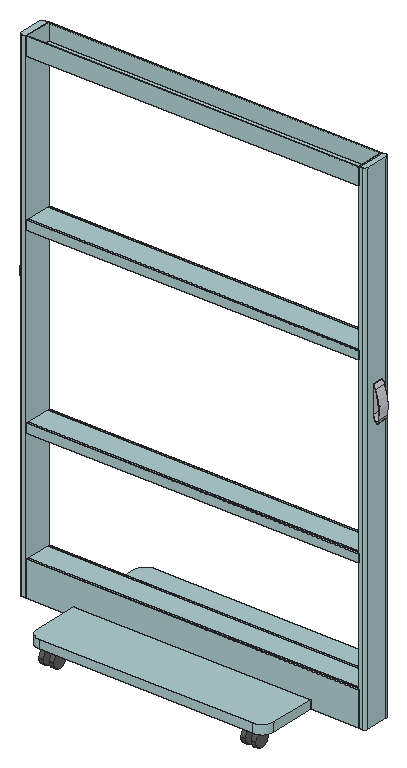
Revit family "okamura_MT20AA00_スプリント_スタンド_ボードスタンド_1200W×500D×1800H", category 家具, Revit 2017
Family settings
  OmniClass 番号 = 23.40.20.00
  OmniClass タイトル = General Furniture and Specialties
  作業面に基づく = いいえ
  常に垂直 = はい
  ロード時にボイドで切り取り = いいえ
  共有 = いいえ
  部屋計算ポイント = いいえ
Parameters (values of type "ZH14（セージ）")
  製造元 = "株式会社オカムラ"
  製品名称 [instance] = "スプリント"  # constant formula
  製品仕様 [instance] = "ボードスタンド 1200W×500D×1800H"  # constant formula
  製品コード/色仕様 = "MT20AA"  # constant formula
  製品コード [instance] = "MT20AA"  # constant formula
  製品カテゴリ = "クリエイティブファニチュア"  # constant formula
  色仕様名称 [instance] = "セージ"
  色仕様コード [instance] = "ZH14"
  本体 = okm_ZH14
  導入日 [instance] = ""
  区分 = "スタンド"  # constant formula
  共通仕様 = ""
  備考 = ""
  シリアルNo [instance] = ""
  キーノート = "12490"
  キャスター = okm_G81
  アセンブリ コード = "E2020200"
  W = 1200.0 mm
  URL = "http://www.okamura.co.jp/"
  Product_URL = ""
  ID [instance] = ""
  H = 1800.0 mm
  D = 500.0 mm
  Copyright [instance] = "©2021.11 okamura Corp."  # constant formula
Types (8, lengths in mm): name | 色仕様名称 | 色仕様コード | 本体
  (no name) | "セージ" | "ZH14" | okm_ZH14
  ZH11（オレンジレッド） | "オレンジレッド" | "ZH11" | okm_ZH11
  ZH12（ダークグリーン） | "ダークグリーン" | "ZH12" | okm_ZH12
  ZH13（イエロー） | "イエロー" | "ZH13" | okm_ZH13
  ZH14（セージ） | "セージ" | "ZH14" | okm_ZH14
  ZH15（ダークグレー） | "ダークグレー" | "ZH15" | okm_ZH15
  Z721（ブラック） | "ブラック" | "Z721" | okm_Z721
  ZC03（ネオホワイト） | "ネオホワイト" | "ZC03" | okm_ZC03
Reference planes
  plane 1 "中心(正面/背面)": y = 0
  plane 2: z = 0
  plane 3 "中心(左/右)": x = 0
  plane 4 "左": x = -600
  plane 5 "右": x = 600
  plane 6 "背面": y = 250
  plane 7 "正面": y = -250
  plane 8 "上": z = 1800
  plane 9: x = -410
  plane 10: x = 410
  plane 11: x = -330
  plane 12: x = 330
  plane 13: x = 380
  plane 14: x = -380
Forms (mm)
  Extrusion 1, solid, material "okm_ZH14" <- "本体"
    sketch origin (0, 0, 0) x (1, 0, 0) y (0, 1, 0)
      loop
        arc (-370, 250) -> (-398.284, 238.284) -> (-410, 210) r 40
        line (-410, 210) -> (-410, -210)
        arc (-410, -210) -> (-398.284, -238.284) -> (-370, -250) r 40
        line (-370, -250) -> (370, -250)
        arc (370, -250) -> (398.284, -238.284) -> (410, -210) r 40
        line (410, -210) -> (410, 210)
        arc (410, 210) -> (398.284, 238.284) -> (370, 250) r 40
        line (370, 250) -> (-370, 250)
    from 57 to 87
  Extrusion 2, solid, material "okm_ZH14" <- "本体"
    sketch origin (0, 0, 0) x (1, 0, 0) y (0, 1, 0)
      loop
        arc (-590, 50) -> (-597.071, 47.071) -> (-600, 40) r 10
        line (-600, 40) -> (-600, -40)
        arc (-600, -40) -> (-597.071, -47.071) -> (-590, -50) r 10
        line (-590, -50) -> (-578, -50) -> (-578, 50) -> (-590, 50)
      loop
        arc (590, -50) -> (597.071, -47.071) -> (600, -40) r 10
        line (600, -40) -> (600, 40)
        arc (600, 40) -> (597.071, 47.071) -> (590, 50) r 10
        line (590, 50) -> (578, 50) -> (578, -50) -> (590, -50)
    from 57 to 1800
  Extrusion 3, solid, material "okm_ZH14" <- "本体"
    sketch origin (0, 0, 0) x (1, 0, 0) y (0, 1, 0)
      loop
        line (578, 50) -> (-578, 50) -> (-578, -50) -> (578, -50) -> (578, 50)
      loop
        line (-576, 48) -> (-576, -48) -> (576, -48) -> (576, 48) -> (-576, 48)
    from 1740 to 1800
  Extrusion 4, solid, material "okm_ZH14" <- "本体"
    sketch origin (0, 0, 2080) x (0, -1, 0) y (1, 0, 0)
      loop
        line (-50, 578) -> (-50, -578) -> (-48, -578) -> (-48, 578) -> (-50, 578)
      loop
        line (50, -578) -> (50, 578) -> (48, 578) -> (48, -578) -> (50, -578)
      loop
        line (-41, -578) -> (41, -578) -> (41, 578) -> (-41, 578) -> (-41, -578)
    from -2023 to -1903
  Extrusion 5, solid, material "okm_Z637"
    sketch origin (0, 0, 0) x (1, 0, 0) y (0, 0, 1)
      loop
        arc (-600, 1121) -> (-602.645, 1119.928) -> (-604.745, 1117.996) r 8
        arc (-604.745, 1117.996) -> (-608.489, 1112.272) -> (-611.417, 1106.09) r 50
        arc (-611.417, 1106.09) -> (-622.819, 1059.621) -> (-621.575, 1011.79) r 180
        arc (-621.575, 1011.79) -> (-620.136, 1006.955) -> (-617.504, 1002.651) r 19.481
        arc (-617.504, 1002.651) -> (-615.843, 1001.737) -> (-614.018, 1002.251) r 2.5
        arc (-614.018, 1002.251) -> (-604.68, 1013.792) -> (-601.342, 1028.257) r 33.015
        line (-601.342, 1028.257) -> (-601.342, 1105.743)
        arc (-601.342, 1105.743) -> (-601.005, 1111.246) -> (-600, 1116.667) r 45.137
        line (-600, 1116.667) -> (-600, 1121)
      loop
        arc (-603.15, 1116.789) -> (-606.745, 1111.294) -> (-609.556, 1105.36) r 48
        arc (-609.556, 1105.36) -> (-620.83, 1059.407) -> (-619.6, 1012.107) r 178
        arc (-619.6, 1012.107) -> (-618.208, 1007.546) -> (-615.635, 1003.53) r 17.481
        arc (-615.635, 1003.53) -> (-606.585, 1014.45) -> (-603.342, 1028.257) r 31.015
        line (-603.342, 1028.257) -> (-603.342, 1105.743)
        arc (-603.342, 1105.743) -> (-602.923, 1112.015) -> (-601.673, 1118.175) r 47.137
        arc (-601.673, 1118.175) -> (-602.471, 1117.545) -> (-603.15, 1116.789) r 6
      loop
        line (600, 1121) -> (600, 1116.667)
        arc (600, 1116.667) -> (601.005, 1111.246) -> (601.342, 1105.743) r 45.137
        line (601.342, 1105.743) -> (601.342, 1028.257)
        arc (601.342, 1028.257) -> (604.68, 1013.792) -> (614.018, 1002.251) r 33.015
        arc (614.018, 1002.251) -> (615.843, 1001.737) -> (617.504, 1002.651) r 2.5
        arc (617.504, 1002.651) -> (620.136, 1006.955) -> (621.575, 1011.79) r 19.481
        arc (621.575, 1011.79) -> (622.819, 1059.621) -> (611.417, 1106.09) r 180
        arc (611.417, 1106.09) -> (608.489, 1112.272) -> (604.745, 1117.996) r 50
        arc (604.745, 1117.996) -> (602.645, 1119.928) -> (600, 1121) r 8
      loop
        arc (603.15, 1116.789) -> (602.471, 1117.545) -> (601.673, 1118.175) r 6
        arc (601.673, 1118.175) -> (602.923, 1112.015) -> (603.342, 1105.743) r 47.137
        line (603.342, 1105.743) -> (603.342, 1028.257)
        arc (603.342, 1028.257) -> (606.585, 1014.45) -> (615.635, 1003.53) r 31.015
        arc (615.635, 1003.53) -> (618.208, 1007.546) -> (619.6, 1012.107) r 17.481
        arc (619.6, 1012.107) -> (620.83, 1059.407) -> (609.556, 1105.36) r 178
        arc (609.556, 1105.36) -> (606.745, 1111.294) -> (603.15, 1116.789) r 48
    from 17.5 to -17.5
  Extrusion 6, solid, material "okm_G81" <- "キャスター"
    sketch origin (0, 0, 0) x (0, 1, 0) y (0, 0, 1)
      loop
        circle (-219, 25) r 25
      loop
        circle (219, 25) r 25
    from 360.5 to 376
  Extrusion 7, solid, material "okm_G81" <- "キャスター"
    sketch origin (700.001, 0, 0) x (0, 1, 0) y (0, 0, -1)
      loop
        circle (-219, -25) r 25
      loop
        circle (219, -25) r 25
    from 360.5 to 376
  Revolve 8, solid, material "okm_G81" <- "キャスター"
    sketch origin (0, -202, 0) x (1, 0, 0) y (0, 0, -1)
      loop
        line (339.504, -17) -> (341.857, -57) -> (350, -57) -> (350, -17) -> (339.504, -17)
      axis (350, -57) -> (350, -17)
    angle from 0 to 360
  Revolve 9, solid, material "okm_G81" <- "キャスター"
    sketch origin (0, 202, 0) x (1, 0, 0) y (0, 0, 1)
      loop
        line (339.504, 17) -> (350, 17) -> (350, 57) -> (341.857, 57) -> (339.504, 17)
      axis (350, 57) -> (350, 17)
    angle from 0 to 360
  Extrusion 10, solid, material "okm_G81" <- "キャスター"
    sketch origin (0, 0, 0) x (0, 1, 0) y (0, 0, -1)
      loop
        circle (-219, -25) r 25
      loop
        circle (219, -25) r 25
    from 360.5 to 376
  Extrusion 11, solid, material "okm_G81" <- "キャスター"
    sketch origin (-700.001, 0, 0) x (0, 1, 0) y (0, 0, 1)
      loop
        circle (-219, 25) r 25
      loop
        circle (219, 25) r 25
    from 360.5 to 376
  Revolve 12, solid, material "okm_G81" <- "キャスター"
    sketch origin (0, -202, 0) x (-1, 0, 0) y (0, 0, 1)
      loop
        line (339.504, 17) -> (350, 17) -> (350, 57) -> (341.857, 57) -> (339.504, 17)
      axis (350, 57) -> (350, 17)
    angle from 0 to 360
  Revolve 13, solid, material "okm_G81" <- "キャスター"
    sketch origin (0, 202, 0) x (-1, 0, 0) y (0, 0, -1)
      loop
        line (339.504, -17) -> (341.857, -57) -> (350, -57) -> (350, -17) -> (339.504, -17)
      axis (350, -57) -> (350, -17)
    angle from 0 to 360
  Extrusion 14, solid, material "okm_ZH14" <- "本体"
    sketch origin (0, 0, 0) x (1, 0, 0) y (0, 1, 0)
      loop
        line (-576, 48) -> (-576, -48) -> (576, -48) -> (576, 48) -> (-576, 48)
      loop
        line (-30.052, 11) -> (-527.052, 11)
        arc (-527.052, 11) -> (-538.052, 0) -> (-527.052, -11) r 11
        line (-527.052, -11) -> (-30.052, -11)
        arc (-30.052, -11) -> (-19.052, 0) -> (-30.052, 11) r 11
      loop
        arc (30.052, 11) -> (19.052, 0) -> (30.052, -11) r 11
        line (30.052, -11) -> (527.052, -11)
        arc (527.052, -11) -> (538.052, 0) -> (527.052, 11) r 11
        line (527.052, 11) -> (30.052, 11)
    from 1742 to 1740
  Extrusion 15, solid, material "okm_ZH14" <- "本体"
    sketch origin (0, 0, 0) x (0, 1, 0) y (0, 0, 1)
      loop
        line (-50, 1229.5) -> (-50, 1199.5) -> (50, 1199.5) -> (50, 1229.5) -> (48, 1229.5) -> (48, 1201.5) -> (41, 1201.5) -> (41, 1229.5) -> (-41, 1229.5) -> (-41, 1201.5) -> (-48, 1201.5) -> (-48, 1229.5) -> (-50, 1229.5)
      loop
        line (-50, 599.5) -> (-50, 569.5) -> (50, 569.5) -> (50, 599.5) -> (48, 599.5) -> (48, 571.5) -> (41, 571.5) -> (41, 599.5) -> (-41, 599.5) -> (-41, 571.5) -> (-48, 571.5) -> (-48, 599.5) -> (-50, 599.5)
    from -578 to 578
Cuts and joins
  joined: Extrusion 1, Extrusion 4
  joined: Extrusion 3, Extrusion 14
Lines and regions (mm)
  Masking region 1
    outline origin (0, 0, 0) x (1, 0, 0) y (0, 1, 0)
      loop
        line (370, 250) -> (-370, 250)
        arc (-370, 250) -> (-398.284, 238.284) -> (-410, 210) r 40
        line (-410, 210) -> (-410, 50) -> (-590, 50)
        arc (-590, 50) -> (-597.071, 47.071) -> (-600, 40) r 10
        line (-600, 40) -> (-600, -40)
        arc (-600, -40) -> (-597.071, -47.071) -> (-590, -50) r 10
        line (-590, -50) -> (-410, -50) -> (-410, -210)
        arc (-410, -210) -> (-398.284, -238.284) -> (-370, -250) r 40
        line (-370, -250) -> (370, -250)
        arc (370, -250) -> (398.284, -238.284) -> (410, -210) r 40
        line (410, -210) -> (410, -50) -> (590, -50)
        arc (590, -50) -> (597.071, -47.071) -> (600, -40) r 10
        line (600, -40) -> (600, 40)
        arc (600, 40) -> (597.071, 47.071) -> (590, 50) r 10
        line (590, 50) -> (410, 50) -> (410, 210)
        arc (410, 210) -> (398.284, 238.284) -> (370, 250) r 40
  symbolic lines, style "okm_標準・詳細", detail levels medium+fine
    curve 1: line (370, 250, 0) -> (-370, 250, 0)
    curve 2: arc (-370, 250, 0) -> (-398.284, 238.284, 0) -> (-410, 210, 0) r 40
    curve 3: line (-410, 210, 0) -> (-410, 50, 0)
    curve 4: arc (410, 210, 0) -> (398.284, 238.284, 0) -> (370, 250, 0) r 40
    curve 5: line (410, -210, 0) -> (410, -50, 0)
    curve 6: arc (370, -250, 0) -> (398.284, -238.284, 0) -> (410, -210, 0) r 40
    curve 7: arc (-410, -210, 0) -> (-398.284, -238.284, 0) -> (-370, -250, 0) r 40
    curve 8: line (-370, -250, 0) -> (370, -250, 0)
    curve 9: line (-590, -50, 0) -> (590, -50, 0)
    curve 10: line (590, 50, 0) -> (-590, 50, 0)
    curve 11: arc (-590, 50, 0) -> (-597.071, 47.071, 0) -> (-600, 40, 0) r 10
    curve 12: line (-600, 40, 0) -> (-600, -40, 0)
    curve 13: arc (-600, -40, 0) -> (-597.071, -47.071, 0) -> (-590, -50, 0) r 10
    curve 14: arc (600, 40, 0) -> (597.071, 47.071, 0) -> (590, 50, 0) r 10
    curve 15: line (600, -40, 0) -> (600, 40, 0)
    curve 16: arc (590, -50, 0) -> (597.071, -47.071, 0) -> (600, -40, 0) r 10
    curve 34: line (410, 50, 0) -> (410, 210, 0)
    curve 36: line (-410, -50, 0) -> (-410, -210, 0)
    curve 45: arc (30.052, -11, 0) -> (19.052, 0, 0) -> (30.052, 11, 0) r 11
    curve 46: arc (527.052, 11, 0) -> (538.052, 0, 0) -> (527.052, -11, 0) r 11
    curve 47: line (30.052, 11, 0) -> (527.052, 11, 0)
    curve 48: line (527.052, -11, 0) -> (30.052, -11, 0)
    curve 49: arc (-30.052, 11, 0) -> (-19.052, 0, 0) -> (-30.052, -11, 0) r 11
    curve 50: arc (-527.052, -11, 0) -> (-538.052, 0, 0) -> (-527.052, 11, 0) r 11
    curve 51: line (-527.052, 11, 0) -> (-30.052, 11, 0)
    curve 52: line (-30.052, -11, 0) -> (-527.052, -11, 0)
  symbolic lines, style "okm_簡略", detail levels coarse
    curve 17: line (370, 250, 0) -> (-370, 250, 0)
    curve 18: arc (-370, 250, 0) -> (-398.284, 238.284, 0) -> (-410, 210, 0) r 40
    curve 19: line (-410, 210, 0) -> (-410, 50, 0)
    curve 20: arc (-410, -210, 0) -> (-398.284, -238.284, 0) -> (-370, -250, 0) r 40
    curve 21: line (-370, -250, 0) -> (370, -250, 0)
    curve 22: arc (370, -250, 0) -> (398.284, -238.284, 0) -> (410, -210, 0) r 40
    curve 23: line (410, -210, 0) -> (410, -50, 0)
    curve 24: arc (410, 210, 0) -> (398.284, 238.284, 0) -> (370, 250, 0) r 40
    curve 25: line (590, 50, 0) -> (-590, 50, 0)
    curve 26: line (-590, -50, 0) -> (590, -50, 0)
    curve 27: arc (590, -50, 0) -> (597.071, -47.071, 0) -> (600, -40, 0) r 10
    curve 28: line (600, -40, 0) -> (600, 40, 0)
    curve 29: arc (600, 40, 0) -> (597.071, 47.071, 0) -> (590, 50, 0) r 10
    curve 30: line (-600, 40, 0) -> (-600, -40, 0)
    curve 31: arc (-590, 50, 0) -> (-597.071, 47.071, 0) -> (-600, 40, 0) r 10
    curve 32: arc (-600, -40, 0) -> (-597.071, -47.071, 0) -> (-590, -50, 0) r 10
    curve 33: line (410, 50, 0) -> (410, 210, 0)
    curve 35: line (-410, -50, 0) -> (-410, -210, 0)
    curve 37: line (-527.052, 11, 0) -> (-30.052, 11, 0)
    curve 38: line (-30.052, -11, 0) -> (-527.052, -11, 0)
    curve 39: arc (-527.052, -11, 0) -> (-538.052, 0, 0) -> (-527.052, 11, 0) r 11
    curve 40: arc (-30.052, 11, 0) -> (-19.052, 0, 0) -> (-30.052, -11, 0) r 11
    curve 41: arc (30.052, -11, 0) -> (19.052, 0, 0) -> (30.052, 11, 0) r 11
    curve 42: line (527.052, -11, 0) -> (30.052, -11, 0)
    curve 43: line (30.052, 11, 0) -> (527.052, 11, 0)
    curve 44: arc (527.052, 11, 0) -> (538.052, 0, 0) -> (527.052, -11, 0) r 11
Dimensions and locks
  equal spacing: plane 4 "左", plane 3 "中心(左/右)", plane 5 "右"
  "W": plane 4 "左" to plane 5 "右"
  equal spacing: plane 7 "正面", plane 1 "中心(正面/背面)", plane 6 "背面"
  "D": plane 7 "正面" to plane 6 "背面"
  "H": plane 8 "上" to level
  aligned and locked: level to plane 2
Automatic sketch dimensions
  curve 12 to plane 4 "左" = 0.0 mm
  curve 35 to plane 9 = 0.0 mm
  plane 7 "正面" to curve 21 = 0.0 mm
  plane 6 "背面" to curve 2 = 0.0 mm
  curve 33 to plane 10 = 0.0 mm
  curve 14 to plane 5 "右" = 0.0 mm
  plane 4 "左" to curve 31 = 10.0 mm
  plane 4 "左" to curve 26 = 10.0 mm
  plane 14 to curve 21 = 10.0 mm
  plane 14 to curve 2 = 10.0 mm
  curve 17 to plane 13 = 10.0 mm
  curve 22 to plane 13 = 10.0 mm
  curve 27 to plane 5 "右" = 10.0 mm
  curve 29 to plane 5 "右" = 10.0 mm
  Extrusion 1 sketch curve to plane 9 = 0.0 mm
  plane 7 "正面" to Extrusion 1 sketch curve = 0.0 mm
  plane 6 "背面" to Extrusion 1 sketch curve = 0.0 mm
  Extrusion 1 sketch curve to plane 10 = 0.0 mm
  plane 14 to Extrusion 1 sketch curve = 10.0 mm  (x2)
  Extrusion 1 sketch curve to plane 13 = 10.0 mm  (x2)
  Extrusion 2 sketch curve to plane 4 "左" = 0.0 mm
  Extrusion 2 sketch curve to plane 5 "右" = 0.0 mm
  plane 4 "左" to Extrusion 2 sketch curve = 10.0 mm  (x2)
  Extrusion 2 sketch curve to Extrusion 2 sketch curve = 12.0 mm
  Extrusion 2 sketch curve to plane 5 "右" = 22.0 mm
  Extrusion 2 sketch curve to plane 5 "右" = 10.0 mm  (x2)
  plane 4 "左" to Extrusion 3 sketch curve = 22.0 mm
  Extrusion 3 sketch curve to Extrusion 3 sketch curve = 2.0 mm  (x4)
  Extrusion 3 sketch curve to plane 5 "右" = 24.0 mm
  Extrusion 4 sketch curve to Extrusion 4 sketch curve = 7.0 mm  (x2)
  plane 4 "左" to Extrusion 4 sketch curve = 22.0 mm
  Extrusion 4 sketch curve to Extrusion 4 sketch curve = 0.0 mm  (x3)
  Extrusion 4 sketch curve to plane 5 "右" = 22.0 mm  (x2)
  Extrusion 6 sketch curve to plane 7 "正面" = 31.0 mm
  plane 6 "背面" to Extrusion 6 sketch curve = 31.0 mm
  level to Extrusion 6 sketch curve = 25.0 mm  (x2)
  Masking region 1 sketch curve to plane 4 "左" = 0.0 mm
  Masking region 1 sketch curve to plane 9 = 0.0 mm  (x2)
  plane 6 "背面" to Masking region 1 sketch curve = 0.0 mm
  plane 7 "正面" to Masking region 1 sketch curve = 0.0 mm
  Masking region 1 sketch curve to plane 10 = 0.0 mm  (x2)
  Masking region 1 sketch curve to plane 5 "右" = 0.0 mm
  plane 4 "左" to Masking region 1 sketch curve = 10.0 mm  (x2)
  plane 14 to Masking region 1 sketch curve = 10.0 mm  (x2)
  Masking region 1 sketch curve to plane 13 = 10.0 mm  (x2)
  Masking region 1 sketch curve to plane 5 "右" = 10.0 mm  (x2)
  Extrusion 7 sketch curve to plane 7 "正面" = 31.0 mm
  plane 6 "背面" to Extrusion 7 sketch curve = 31.0 mm
  level to Extrusion 7 sketch curve = 25.0 mm  (x2)
  Revolve 8 sketch curve to level = 0.0 mm
  plane 12 to Revolve 8 sketch curve = 9.504 mm
  plane 12 to Revolve 8 sketch curve = 11.857 mm
  Revolve 8 sketch curve to Revolve 8 sketch curve = 10.497 mm
  level to Revolve 8 sketch curve = 17.0 mm
  Revolve 8 sketch curve to Revolve 8 sketch curve = 0.0 mm  (x2)
  Revolve 9 sketch curve to level = 0.0 mm
  plane 12 to Revolve 9 sketch curve = 9.504 mm
  plane 12 to Revolve 9 sketch curve = 11.857 mm
  Revolve 9 sketch curve to Revolve 9 sketch curve = 10.497 mm
  level to Revolve 9 sketch curve = 17.0 mm
  Revolve 9 sketch curve to Revolve 9 sketch curve = 0.0 mm  (x2)
  Extrusion 10 sketch curve to plane 7 "正面" = 31.0 mm
  plane 6 "背面" to Extrusion 10 sketch curve = 31.0 mm
  level to Extrusion 10 sketch curve = 25.0 mm  (x2)
  Extrusion 11 sketch curve to plane 7 "正面" = 31.0 mm
  plane 6 "背面" to Extrusion 11 sketch curve = 31.0 mm
  level to Extrusion 11 sketch curve = 25.0 mm  (x2)
  Revolve 12 sketch curve to level = 0.0 mm
  Revolve 12 sketch curve to plane 11 = 9.504 mm
  Revolve 12 sketch curve to plane 11 = 11.857 mm
  Revolve 12 sketch curve to Revolve 12 sketch curve = 10.497 mm
  level to Revolve 12 sketch curve = 17.0 mm
  Revolve 12 sketch curve to Revolve 12 sketch curve = 0.0 mm  (x2)
  Revolve 13 sketch curve to level = 0.0 mm
  Revolve 13 sketch curve to plane 11 = 9.504 mm
  Revolve 13 sketch curve to plane 11 = 11.857 mm
  Revolve 13 sketch curve to Revolve 13 sketch curve = 10.497 mm
  level to Revolve 13 sketch curve = 17.0 mm
  Revolve 13 sketch curve to Revolve 13 sketch curve = 0.0 mm  (x2)
  Extrusion 5 sketch curve to Extrusion 5 sketch curve = 0.0 mm  (x48)
  Extrusion 5 sketch curve to plane 4 "左" = 0.0 mm
  Extrusion 5 sketch curve to plane 5 "右" = 0.0 mm
  Extrusion 5 sketch curve to plane 4 "左" = 1.342 mm
  Extrusion 5 sketch curve to plane 4 "左" = 2.341 mm
  Extrusion 5 sketch curve to Extrusion 5 sketch curve = 2.0 mm  (x2)
  Extrusion 5 sketch curve to plane 4 "左" = 15.558 mm
  Extrusion 5 sketch curve to Extrusion 5 sketch curve = 18.799 mm  (x2)
  plane 4 "左" to Extrusion 5 sketch curve = 1.635 mm
  plane 4 "左" to Extrusion 5 sketch curve = 35.128 mm
  Extrusion 5 sketch curve to Extrusion 5 sketch curve = 8.667 mm  (x2)
  Extrusion 5 sketch curve to plane 9 = 33.854 mm
  plane 10 to Extrusion 5 sketch curve = 33.854 mm
  Extrusion 5 sketch curve to plane 5 "右" = 43.796 mm
  Extrusion 5 sketch curve to plane 5 "右" = 1.635 mm
  plane 5 "右" to Extrusion 5 sketch curve = 1.342 mm
  plane 5 "右" to Extrusion 5 sketch curve = 2.341 mm
  plane 5 "右" to Extrusion 5 sketch curve = 15.558 mm
  Extrusion 5 sketch curve to Extrusion 5 sketch curve = 10.66 mm  (x2)
  Extrusion 5 sketch curve to Extrusion 5 sketch curve = 24.037 mm  (x2)
  Extrusion 5 sketch curve to Extrusion 5 sketch curve = 3.499 mm  (x2)
  Extrusion 5 sketch curve to Extrusion 5 sketch curve = 4.333 mm  (x2)
  Extrusion 5 sketch curve to plane 4 "左" = 1.673 mm
  Extrusion 5 sketch curve to Extrusion 5 sketch curve = 0.077 mm  (x2)
  plane 5 "右" to Extrusion 5 sketch curve = 1.673 mm
  curve 28 to plane 1 "中心(正面/背面)" = 40.0 mm
  plane 1 "中心(正面/背面)" to Extrusion 2 sketch curve = 50.0 mm  (x2)
  Extrusion 2 sketch curve to plane 1 "中心(正面/背面)" = 40.0 mm  (x2)
  plane 1 "中心(正面/背面)" to Extrusion 3 sketch curve = 50.0 mm
  Extrusion 3 sketch curve to plane 1 "中心(正面/背面)" = 48.0 mm
  Extrusion 4 sketch curve to plane 1 "中心(正面/背面)" = 50.0 mm
  Extrusion 4 sketch curve to Extrusion 4 sketch curve = 2.0 mm  (x2)
  plane 1 "中心(正面/背面)" to Extrusion 4 sketch curve = 41.0 mm
  plane 1 "中心(正面/背面)" to Masking region 1 sketch curve = 50.0 mm  (x2)
  Masking region 1 sketch curve to plane 1 "中心(正面/背面)" = 40.0 mm  (x2)
  plane 4 "左" to Extrusion 14 sketch curve = 24.0 mm
  Extrusion 14 sketch curve to plane 1 "中心(正面/背面)" = 0.0 mm  (x2)
  Extrusion 14 sketch curve to Extrusion 14 sketch curve = 48.948 mm
  Extrusion 14 sketch curve to plane 1 "中心(正面/背面)" = 11.0 mm  (x2)
  Extrusion 14 sketch curve to plane 3 "中心(左/右)" = 30.052 mm
  plane 3 "中心(左/右)" to Extrusion 14 sketch curve = 30.052 mm
  Extrusion 14 sketch curve to plane 5 "右" = 72.948 mm
  Extrusion 14 sketch curve to plane 5 "右" = 24.0 mm
  plane 1 "中心(正面/背面)" to Extrusion 14 sketch curve = 48.0 mm
  Extrusion 14 sketch curve to plane 1 "中心(正面/背面)" = 48.0 mm
  plane 1 "中心(正面/背面)" to Extrusion 15 sketch curve = 50.0 mm  (x2)
  Extrusion 15 sketch curve to Extrusion 15 sketch curve = 2.0 mm  (x8)
  Extrusion 15 sketch curve to Extrusion 15 sketch curve = 7.0 mm  (x4)
  Extrusion 15 sketch curve to plane 1 "中心(正面/背面)" = 41.0 mm  (x2)
  plane 1 "中心(正面/背面)" to curve 35 = 50.0 mm
  curve 19 to plane 9 = 0.0 mm
  curve 23 to plane 10 = 0.0 mm
  curve 39 to plane 1 "中心(正面/背面)" = 0.0 mm
  plane 4 "左" to curve 39 = 72.948 mm
  plane 1 "中心(正面/背面)" to curve 38 = 11.0 mm
  curve 38 to plane 3 "中心(左/右)" = 30.052 mm
  plane 1 "中心(正面/背面)" to curve 42 = 11.0 mm
  plane 3 "中心(左/右)" to curve 42 = 30.052 mm
  curve 41 to plane 1 "中心(正面/背面)" = 0.0 mm
  curve 42 to curve 16 = 62.948 mm
  Extrusion 5 sketch curve to plane 8 "上" = 795.78 mm  (x2)
  Extrusion 5 sketch curve to Extrusion 5 sketch curve = 12.087 mm  (x2)
  Extrusion 5 sketch curve to Extrusion 5 sketch curve = 59.57 mm  (x2)
  Extrusion 5 sketch curve to Extrusion 5 sketch curve = 17.916 mm  (x2)
  Extrusion 15 sketch curve to Extrusion 15 sketch curve = 28.0 mm  (x2)
  Extrusion 15 sketch curve to Extrusion 15 sketch curve = 0.0 mm  (x4)
  Extrusion 15 sketch curve to Extrusion 15 sketch curve = 600.0 mm
  Revolve 8 sketch curve to Revolve 8 sketch curve = 40.0 mm
  Revolve 9 sketch curve to Revolve 9 sketch curve = 40.0 mm
  Revolve 12 sketch curve to Revolve 12 sketch curve = 40.0 mm
  Revolve 13 sketch curve to Revolve 13 sketch curve = 40.0 mm
  level to Extrusion 15 sketch curve = 569.5 mm
  radius of Extrusion 6 sketch curve = 25.0 mm  (x2)
  radius of Extrusion 7 sketch curve = 25.0 mm  (x2)
  radius of Extrusion 10 sketch curve = 25.0 mm  (x2)
  radius of Extrusion 11 sketch curve = 25.0 mm  (x2)
